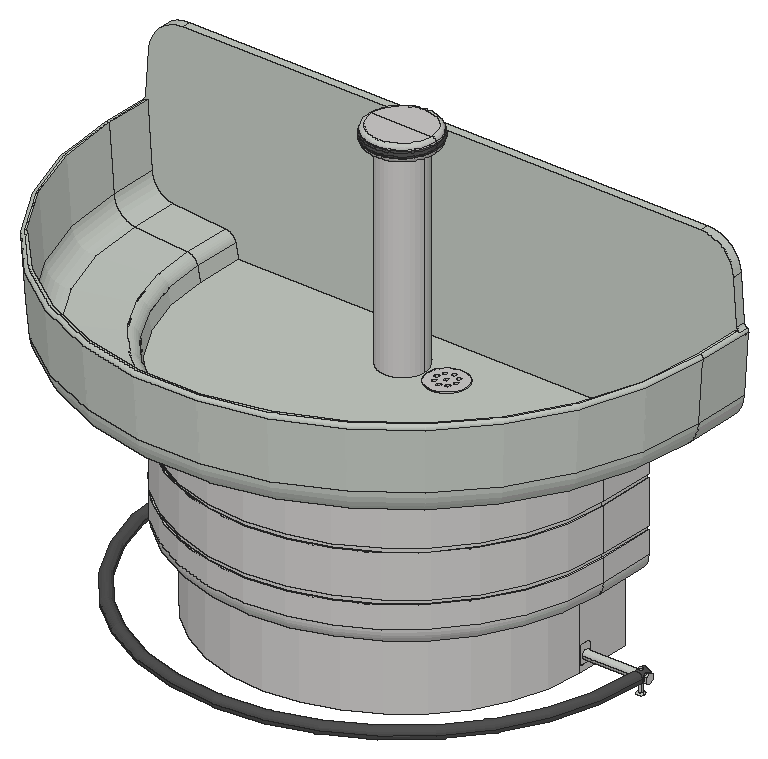
Revit family "Washfountain_Lavatory-Bradley_Corp-WF2504-Type_H_Drain", category Plumbing Fixtures, Revit 2012
Parameters (values of type "Standard")
  Width = 54.000"
  Warranty Information = "Terreon® material warranted for ten years. All other components warranted for one year. This warranty does not cover installation or any other labor charges and does not apply to any units, which have been damaged by accident, abuse, improper installation, improper maintenance, or altered in any way."
  WFU = 0
  Voltage = 110 V
  Version = "2.0"
  Vent Radius = Vent / 2  # 3/4"
  Vent = 1 1/2"
  URL = "http://www.bradleycorp.com/"
  Towel Dispenser Holder [instance] = if(and(Soap Dispenser, Sensor Module), 4.750", if(and(No Soap Dispenser, Sensor Module), 13.250", if(and(Soap Dispenser, No Sensor Module), 4.750", 13.250")))  # 13.250"
  Towel Dispenser Height [instance] = if(and(Soap Dispenser, Sensor Module, Model ID = 2), 55.500", if(and(No Soap Dispenser, Sensor Module, Model ID = 2), 55.500", if(and(Soap Dispenser, No Sensor Module, Model ID = 2), 52.000", if(and(No Soap Dispenser, No Sensor Module, Model ID = 2), 52.000", if(and(Soap Dispenser, Sensor Module, Model ID = 1), 51.500", if(and(No Soap Dispenser, Sensor Module, Model ID = 1), 51.500", if(and(Soap Dispenser, No Sensor Module, Model ID = 1), 48.000", 48.000")))))))  # 52.000"
  TouchTime® Control [instance] = no
  Technical Data = "n/a"
  Standard Height = Model ID = 2  # yes
  Spray Head Height = 38.750"
  Specifications URL = "http://www.bradleycorp.com/3partspec"
  Soap Dispenser Holder [instance] = 2.500"  # constant formula
  Soap Dispenser Height [instance] = if(and(No Sensor Module, Model ID = 2), 47.250", if(and(Sensor Module, Model ID = 2), 50.750", if(and(No Sensor Module, Model ID = 1), 43.250", 46.750")))  # 47.250"
  Sensor Module Height = 42.250"
  Sensor Module [instance] = or(not(Foot Control Valve), TouchTime® Control, Air Valve Hand Control, Adaptive Infrared Activation Control)  # no
  Secondary Supply Height = 12.000"
  Rim Height = 29.500"
  Supply Height [instance] = if(and(Sensor Module, Soap Dispenser, Towel Dispenser, Model ID = 2), 71.813", if(and(Sensor Module, Soap Dispenser, No Towel Dispenser, Model ID = 2), 50.750", if(and(Sensor Module, No Soap Dispenser, No Towel Dispenser, Model ID = 2), 42.250", if(and(Sensor Module, No Soap Dispenser, Towel Dispenser, Model ID = 2), 71.813", if(and(No Sensor Module, No Soap Dispenser, No Towel Dispenser, Model ID = 2), 38.750", if(and(No Sensor Module, No Soap Dispenser, Towel Dispenser, Model ID = 2), 68.313", if(and(No Sensor Module, Soap Dispenser, Towel Dispenser, Model ID = 2), 68.313", if(and(No Sensor Module, Soap Dispenser, No Towel Dispenser, Model ID = 2), 47.250", if(and(Sensor Module, Soap Dispenser, Towel Dispenser, Model ID = 1), 67.813", if(and(Sensor Module, Soap Dispenser, No Towel Dispenser, Model ID = 1), 46.750", if(and(Sensor Module, No Soap Dispenser, No Towel Dispenser, Model ID = 1), 38.250", if(and(Sensor Module, No Soap Dispenser, Towel Dispenser, Model ID = 1), 67.813", if(and(No Sensor Module, No Soap Dispenser, No Towel Dispenser, Model ID = 1), 34.750", if(and(No Sensor Module, No Soap Dispenser, Towel Dispenser, Model ID = 1), 64.313", if(and(No Sensor Module, Soap Dispenser, Towel Dispenser, Model ID = 1), 64.313", 43.250")))))))))))))))  # 38.750"
  Product Tech Data URL - Spanish = ""
  Product Tech Data URL - French = ""
  Product Tech Data URL - English = "http://bradleycorp.com/download/1840/2013.pdf"
  Pedestal Material = Stainless Steel - Bradley Corp - Satin
  Pedestal Height = 19.000"
  Operating Water Pressure Range = "20 - 80 PSI"
  OmniClass Table 23 Title = "Sinks/Lavatories"
  OmniClass Table 23 Number = "23-31 13 00"
  OmniClass Table 21 Title = "Plumbing Fixtures"
  OmniClass Table 21 Number = "21-04 20 10 60"
  No Towel Dispenser [instance] = not(Towel Dispenser)  # yes
  No Soap Dispenser [instance] = not(Soap Dispenser)  # yes
  No Sensor Module [instance] = not(Sensor Module)  # yes
  Modeling Code = ""
  Model ID = 2
  Model = "WF2504"
  Material Note = "Other Terreon® colors available - See www.bradleycorp.com "
  MasterFormat Title = "Commercial Lavatories and Sinks"
  MasterFormat Number = "22 42 16"
  Manufacturer = "Bradley Corp"
  Juvenile Height = Model ID = 1  # no
  Industry Standards = "ANSI Z124.3, Z124.6 and ANSI/ICPA SS-1-2001"
  Hot Lavatory Inlet Secondary Radius = Hot Lavatory Inlet Secondary / 2  # 1/2"
  Hot Lavatory Inlet Secondary = 1"
  Hot Lavatory Inlet Primary Radius = Hot Lavatory Inlet Primary / 2  # 1/2"
  Hot Lavatory Inlet Primary = 1"
  HWFU = 0
  Frequency = 50 Hz
  Foot Control Valve [instance] = not(or(TouchTime® Control, Air Valve Hand Control, Adaptive Infrared Activation Control))  # yes
  Flow Type = 3.0 GPM
  Fire Rating = "n/a"
  Drain Radius = Drain / 2  # 1"
  Drain = 2"
  Description = "Washfountain, 54\" Semi Circular with 9\" Deep Bowl"
  Copyright = "This Model Data is Property of Bradley Corporation"
  Cold Lavatory Inlet Secondary Radius = Cold Lavatory Inlet Secondary / 2  # 1/2"
  Cold Lavatory Inlet Secondary = 1"
  Cold Lavatory Inlet Primary Radius = Cold Lavatory Inlet Primary / 2  # 1/2"
  Cold Lavatory Inlet Primary = 1"
  CWFU = 0
  Buy American Act = "No"
  Button Visibility [instance] = or(TouchTime® Control, Air Valve Hand Control)  # no
  Bowl Material [instance] = Stone - Bradley Corp - Empire Gray
  Assembly Code = "D2010300"
  Air Valve Hand Control [instance] = no
  Adaptive Infrared Activation Control [instance] = no
  ADA Compliant = "Yes"
  Soap Dispenser [instance] = no
  Towel Dispenser [instance] = no
Reference planes (in)
  plane 1 "Center (Front/Back)": y = 0
  plane 2: z = 0
  plane 3 "Center (Left/Right)": x = 0
  plane 4 "Left": x = -27
  plane 5 "Right": x = 27
  plane 6 "Towel Dispenser": z = 52
  plane 7 "Soap Dispenser": z = 47.25
  plane 8 "Sensor Module": z = 42.25
  plane 9 "Spray Head": z = 38.75
  plane 10 "Rim Height": z = 29.5
  plane 11 "Pedestal Height": z = 19
  plane 12: z = 41.25
  plane 13: y = -32.2274
Forms (in)
  Sweep 1, solid, material "Stone - Bradley Corp - Empire Gray" <- "Bowl Material"
    path in 3D
      loop
        line (26.97649, 0, 29.5) -> (26.97649, -5.09016, 29.5)
        arc (26.97649, -5.09016, 29.5) -> (0, -32.06665, 29.5) -> (-26.97649, -5.09016, 29.5) r 26.97649
        line (-26.97649, -5.09016, 29.5) -> (-26.97649, 0, 29.5)
    profile origin (-26.97649, -2.54508, 29.5) x (-1, 0, 0) y (0, 0, 1)
      loop
        line (-0.36849, -5.60574) -> (0.00015, -0.33398)
        arc (0.00015, -0.33398) -> (-0.08011, -0.10234) -> (-0.30288, 0) r 0.31231
        line (-0.30288, 0) -> (-0.47772, 0) -> (-0.86727, -5.57086)
        arc (-0.86727, -5.57086) -> (-1.46619, -6.9067) -> (-2.78695, -7.53818) r 2.125
        line (-2.78695, -7.53818) -> (-7.52625, -7.93634)
        arc (-7.52625, -7.93634) -> (-8.11685, -8.19439) -> (-8.42734, -8.75918) r 1
        line (-8.42734, -8.75918) -> (-8.64604, -9.99947) -> (-24.97649, -9.99947) -> (-24.97649, -10.5) -> (-8.64604, -10.5)
        arc (-8.64604, -10.5) -> (-8.32099, -10.37992) -> (-8.15206, -10.07737) r 0.5
        line (-8.15206, -10.07737) -> (-7.93494, -8.846)
        arc (-7.93494, -8.846) -> (-7.77969, -8.56361) -> (-7.48439, -8.43458) r 0.5
        line (-7.48439, -8.43458) -> (-2.74261, -8.03622)
        arc (-2.74261, -8.03622) -> (-1.1093, -7.25688) -> (-0.36849, -5.60574) r 2.625
  Sweep 2, solid, material "Stone - Bradley Corp - Empire Gray" <- "Bowl Material", detail levels coarse
    path in 3D
      loop
        line (26.97649, 0, 29.5) -> (26.97649, -5.09016, 29.5)
        arc (26.97649, -5.09016, 29.5) -> (0, -32.06665, 29.5) -> (-26.97649, -5.09016, 29.5) r 26.97649
        line (-26.97649, -5.09016, 29.5) -> (-26.97649, 0, 29.5)
    profile origin (-26.97649, -2.54508, 29.5) x (-1, 0, 0) y (0, 0, 1)
      loop
        line (-0.52542, -7.84995) -> (0.0235, 0) -> (-0.47772, 0) -> (-0.99431, -7.38758) -> (-8.29362, -8.00081) -> (-8.64604, -9.99947) -> (-24.97641, -9.99947) -> (-24.97641, -10.5) -> (-8.22658, -10.5) -> (-7.86808, -8.46682) -> (-0.52542, -7.84995)
  Sweep 3, solid, material "Stainless Steel - Bradley Corp - Satin" <- "Pedestal Material", visible <- "Standard Height", detail levels medium+fine
    path in 3D
      loop
        line (-18.00049, 0, 19) -> (-18.00049, -5.09016, 19)
        arc (-18.00049, -5.09016, 19) -> (0, -23.09065, 19) -> (18.00049, -5.09016, 19) r 18.00049
        line (18.00049, -5.09016, 19) -> (18.00049, 0, 19)
    profile origin (-18.00049, -2.54508, 19) x (1, 0, 0) y (0, 0, 1)
      loop
        line (0.00049, -4.376) -> (0.12942, -4.376) -> (0.12942, -4.751) -> (0.00454, -4.751) -> (0.00454, -8.56354) -> (0.12942, -8.56354) -> (0.12942, -8.9385) -> (0.0005, -8.9385) -> (0.0005, -10.96713)
        arc (0.0005, -10.96713) -> (0.44863, -12.04901) -> (1.53051, -12.49714) r 1.53001
        line (1.53051, -12.49714) -> (2.14799, -12.49714) -> (2.14799, -19) -> (2.64799, -19) -> (2.64799, -11.99714) -> (1.53051, -11.99714)
        arc (1.53051, -11.99714) -> (0.80218, -11.69546) -> (0.5005, -10.96713) r 1.03001
        line (0.5005, -10.96713) -> (0.5005, -8.9385) -> (0.62942, -8.9385) -> (0.62942, -8.56354) -> (0.50454, -8.56354) -> (0.50454, -4.751) -> (0.62942, -4.751) -> (0.62942, -4.376) -> (0.50049, -4.376) -> (0.50049, 0) -> (0.00049, 0) -> (0.00049, -4.376)
  Sweep 4, solid, material "Stainless Steel - Bradley Corp - Satin" <- "Pedestal Material", visible <- "Standard Height", detail levels coarse
    path in 3D
      loop
        line (-18.00049, 0, 19) -> (-18.00049, -5.09016, 19)
        arc (-18.00049, -5.09016, 19) -> (0, -23.09065, 19) -> (18.00049, -5.09016, 19) r 18.00049
        line (18.00049, -5.09016, 19) -> (18.00049, 0, 19)
    profile origin (-18.00049, -2.54508, 19) x (1, 0, 0) y (0, 0, 1)
      loop
        line (0, 0) -> (0, -12.49714) -> (2.14799, -12.49714) -> (2.14799, -19) -> (2.64799, -19) -> (2.64799, -11.99714) -> (0.50454, -11.99714) -> (0.50454, 0) -> (0, 0)
  Sweep 5, solid, material "Stainless Steel - Bradley Corp - Satin" <- "Pedestal Material", visible <- "Juvenile Height", detail levels medium+fine
    path in 3D
      loop
        line (-18.00049, 0, 19) -> (-18.00049, -5.09016, 19)
        arc (-18.00049, -5.09016, 19) -> (0, -23.09065, 19) -> (18.00049, -5.09016, 19) r 18.00049
        line (18.00049, -5.09016, 19) -> (18.00049, 0, 19)
    profile origin (-18.00049, -2.54508, 19) x (1, 0, 0) y (0, 0, 1)
      loop
        line (0, -3.44859) -> (0.1016, -3.44859) -> (0.1016, -3.74411) -> (0.0032, -3.74411) -> (0.0032, -6.74866) -> (0.1016, -6.74866) -> (0.1016, -7.04415) -> (0.00001, -7.04415) -> (0.00001, -8.20062)
        arc (0.00001, -8.20062) -> (0.48269, -9.36592) -> (1.64799, -9.8486) r 1.64798
        line (1.64799, -9.8486) -> (2.14799, -9.8486) -> (2.14799, -15) -> (2.54202, -15) -> (2.54202, -9.45457) -> (1.64799, -9.45457)
        arc (1.64799, -9.45457) -> (0.76131, -9.08729) -> (0.39404, -8.20062) r 1.25395
        line (0.39404, -8.20062) -> (0.39404, -7.04415) -> (0.49564, -7.04415) -> (0.49564, -6.74866) -> (0.39723, -6.74866) -> (0.39723, -3.74411) -> (0.49564, -3.74411) -> (0.49564, -3.44859) -> (0.39403, -3.44859) -> (0.39403, 0) -> (0, 0) -> (0, -3.44859)
  Sweep 6, solid, material "Stainless Steel - Bradley Corp - Satin" <- "Pedestal Material", visible <- "Juvenile Height", detail levels coarse
    path in 3D
      loop
        line (-18.00049, 0, 19) -> (-18.00049, -5.09016, 19)
        arc (-18.00049, -5.09016, 19) -> (0, -23.09065, 19) -> (18.00049, -5.09016, 19) r 18.00049
        line (18.00049, -5.09016, 19) -> (18.00049, 0, 19)
    profile origin (-18.00049, -2.54508, 19) x (1, 0, 0) y (0, 0, 1)
      loop
        line (0, -9.8486) -> (2.14799, -9.8486) -> (2.14799, -15) -> (2.64799, -15) -> (2.64799, -9.3486) -> (0.5, -9.3486) -> (0.5, 0) -> (0, 0) -> (0, -9.8486)
  Revolve 7, solid, material "Stainless Steel - Bradley Corp - Polished", visible <- "Soap Dispenser", detail levels fine
    sketch origin (-3, -5.25, 47.25) x (1, 0, 0) y (0, 0, 1)
      loop
        line (-2.88598, -5.36403) -> (-2.85471, -5.36403) -> (-2.85471, -6) -> (3, -6) -> (3, 0) -> (-0.11538, 0)
        arc (-0.11538, 0) -> (-1.691, -0.10007) -> (-3.24592, -0.37358) r 14.27083
        line (-3.24592, -0.37358) -> (-3.24592, -0.99953) -> (-3.01, -0.99953) -> (-3.01, -1.61403) -> (-2.97, -1.61403) -> (-2.97, -2.86403) -> (-2.93, -2.86403) -> (-2.93, -4.11402) -> (-2.88598, -4.11402) -> (-2.88598, -5.36403)
      axis (3, 0) -> (3, -6)
    angle from 360 to 180
  Revolve 8, solid, material "Stainless Steel - Bradley Corp - Polished", visible <- "Soap Dispenser", detail levels coarse+medium
    sketch origin (-3, -5.25, 47.25) x (1, 0, 0) y (0, 0, 1)
      loop
        line (-3.24592, -0.99953) -> (-2.85471, -6) -> (3, -6) -> (3, -0.99953) -> (-3.24592, -0.99953)
      axis (3, -0.99953) -> (3, -6)
    angle from 360 to 180
  Revolve 9, solid, material "Stainless Steel - Bradley Corp - Polished", detail levels fine
    sketch origin (-3, -5.25, 38.75) x (1, 0, 0) y (0, 0, 1)
      loop
        arc (0.31, 0) -> (0.06605, -0.10105) -> (-0.035, -0.345) r 0.345
        line (-0.035, -0.345) -> (-0.035, -0.44473)
        arc (-0.035, -0.44473) -> (-0.09885, -0.47345) -> (-0.125, -0.5384) r 0.09375
        line (-0.125, -0.5384) -> (-0.125, -0.8509)
        arc (-0.125, -0.8509) -> (-0.09885, -0.91586) -> (-0.035, -0.94458) r 0.09375
        line (-0.035, -0.94458) -> (-0.035, -1.04463)
        arc (-0.035, -1.04463) -> (0.06605, -1.28858) -> (0.31, -1.38963) r 0.345
        line (0.31, -1.38963) -> (1, -1.38963) -> (1, -19.75) -> (3, -19.75) -> (3, 0) -> (0.31, 0)
      axis (3, 0) -> (3, -19.75)
    angle from 0 to 360
  Revolve 10, solid, material "Stainless Steel - Bradley Corp - Polished", detail levels coarse+medium
    sketch origin (-3, -5.25, 38.75) x (1, 0, 0) y (0, 0, 1)
      loop
        line (-0.125, -0.94458) -> (0.31, -1.38963) -> (1, -1.38963) -> (1, -19.75) -> (3, -19.75) -> (3, 0.00012) -> (0.31985, 0.00012) -> (-0.125, -0.44473) -> (-0.125, -0.94458)
      axis (3, 0.00012) -> (3, -19.75)
    angle from 0 to 360
  Extrusion 11, solid, material "Stone - Bradley Corp - Empire Gray" <- "Bowl Material", detail levels medium+fine
    sketch origin (-3, 0, 29.5) x (1, 0, 0) y (0, 0, 1)
      loop
        arc (-23.60112, 0.33907) -> (-23.6674, 0.12286) -> (-23.82201, -0.04217) r 0.50097
        arc (-23.82201, -0.04217) -> (-23.75046, -0.01178) -> (-23.67361, 0) r 0.31231
        line (-23.67361, 0) -> (-23.49877, 0) -> (-23.10922, -5.57086)
        arc (-23.10922, -5.57086) -> (-22.49462, -6.9226) -> (-21.14503, -7.54192) r 2.125
        line (-21.14503, -7.54192) -> (-16.45024, -7.93634)
        arc (-16.45024, -7.93634) -> (-15.85964, -8.19439) -> (-15.54915, -8.75918) r 1
        line (-15.54915, -8.75918) -> (-15.33045, -9.99947) -> (21.33045, -9.99947) -> (21.54915, -8.75918)
        arc (21.54915, -8.75918) -> (21.85964, -8.19439) -> (22.45024, -7.93634) r 1
        line (22.45024, -7.93634) -> (27.14503, -7.54192)
        arc (27.14503, -7.54192) -> (28.49462, -6.9226) -> (29.10922, -5.57086) r 2.125
        line (29.10922, -5.57086) -> (29.49877, 0) -> (29.67361, 0)
        arc (29.67361, 0) -> (29.75046, -0.01178) -> (29.82201, -0.04217) r 0.31231
        arc (29.82201, -0.04217) -> (29.6674, 0.12286) -> (29.60112, 0.33907) r 0.50097
        line (29.60112, 0.33907) -> (29.33045, 4.20977)
        arc (29.33045, 4.20977) -> (28.38375, 6.19456) -> (26.33776, 7.0005) r 3
        line (26.33776, 7.0005) -> (-20.33776, 7.0005)
        arc (-20.33776, 7.0005) -> (-22.38375, 6.19456) -> (-23.33045, 4.20977) r 3
        line (-23.33045, 4.20977) -> (-23.60112, 0.33907)
    from 0 to 0.8003
  Extrusion 12, solid, material "Stone - Bradley Corp - Empire Gray" <- "Bowl Material", detail levels coarse
    sketch origin (-3, 0, 29.5) x (1, 0, 0) y (0, 0, 1)
      loop
        line (-23.49877, 0) -> (-22.98218, -7.38758) -> (-15.68287, -8.00081) -> (-15.33045, -9.99947) -> (21.33045, -9.99947) -> (21.68287, -8.00081) -> (28.98218, -7.38758) -> (29.49877, 0) -> (29.99999, 0) -> (29.99999, 3.33827)
        arc (29.99999, 3.33827) -> (28.92735, 5.92786) -> (26.33776, 7.0005) r 3.66224
        line (26.33776, 7.0005) -> (-20.33776, 7.0005)
        arc (-20.33776, 7.0005) -> (-22.92735, 5.92786) -> (-23.99999, 3.33827) r 3.66224
        line (-23.99999, 3.33827) -> (-23.99999, 0) -> (-23.49877, 0)
    from 0 to 0.8003
  Extrusion 13, solid, material "Stainless Steel - Bradley Corp - Polished", visible <- "Soap Dispenser", detail levels coarse+medium
    sketch origin (-3, -5.25, 47.25) x (1, 0, 0) y (0, 0, 1)
      loop
        line (-2.85471, -6) -> (8.85471, -6) -> (9.24592, -0.99953) -> (-3.24592, -0.99953) -> (-2.85471, -6)
    from 0 to -2.25
  Extrusion 14, solid, material "Stainless Steel - Bradley Corp - Polished", visible <- "Soap Dispenser", detail levels fine
    sketch origin (-3, -5.25, 47.25) x (1, 0, 0) y (0, 0, 1)
      loop
        line (-2.88598, -5.36403) -> (-2.85471, -5.36403) -> (-2.85471, -6) -> (8.85471, -6) -> (8.85471, -5.36403) -> (8.88598, -5.36403) -> (8.88598, -4.11402) -> (8.93, -4.11402) -> (8.93, -2.86403) -> (8.97, -2.86403) -> (8.97, -1.61403) -> (9.01, -1.61403) -> (9.01, -0.99953) -> (9.24592, -0.99953) -> (9.24592, -0.37358)
        arc (9.24592, -0.37358) -> (7.691, -0.10007) -> (6.11538, 0) r 14.27083
        line (6.11538, 0) -> (-0.11538, 0)
        arc (-0.11538, 0) -> (-1.691, -0.10007) -> (-3.24592, -0.37358) r 14.27083
        line (-3.24592, -0.37358) -> (-3.24592, -0.99953) -> (-3.01, -0.99953) -> (-3.01, -1.61403) -> (-2.97, -1.61403) -> (-2.97, -2.86403) -> (-2.93, -2.86403) -> (-2.93, -4.11402) -> (-2.88598, -4.11402) -> (-2.88598, -5.36403)
    from 0 to -2.25
  Revolve 15, solid, material "Stainless Steel - Bradley Corp - Polished", visible <- "Sensor Module", detail levels fine
    sketch origin (-3, -5.25, 42.25) x (1, 0, 0) y (0, 0, 1)
      loop
        line (-1.49987, -0.56541) -> (-1.49987, -1.98683)
        arc (-1.49987, -1.98683) -> (-1.48063, -2.08301) -> (-1.42587, -2.16439) r 0.25
        line (-1.42587, -2.16439) -> (-0.82309, -2.76716)
        arc (-0.82309, -2.76716) -> (-0.74199, -2.82135) -> (-0.64632, -2.84038) r 0.25
        line (-0.64632, -2.84038) -> (1, -2.84038) -> (1, -3.5) -> (3, -3.5) -> (3, 0) -> (0.89718, 0)
        arc (0.89718, 0) -> (-0.28099, -0.0858) -> (-1.45612, -0.2063) r 40.06
        arc (-1.45612, -0.2063) -> (-1.54124, -0.251) -> (-1.57537, -0.34072) r 0.135
        line (-1.57537, -0.34072) -> (-1.57537, -0.56541) -> (-1.49987, -0.56541)
      axis (3, 0) -> (3, -3.5)
    angle from 0 to 360
  Revolve 16, solid, material "Stainless Steel - Bradley Corp - Polished", visible <- "Sensor Module", detail levels coarse+medium
    sketch origin (-3, -5.25, 42.25) x (1, 0, 0) y (0, 0, 1)
      loop
        line (-1.57537, -2.01488) -> (-0.74987, -2.84038) -> (1, -2.84038) -> (1, -3.5) -> (3, -3.5) -> (3, 0) -> (-1.57537, 0) -> (-1.57537, -2.01488)
      axis (3, 0) -> (3, -3.5)
    angle from 0 to 360
  Extrusion 17, solid, material "Stainless Steel - Bradley Corp - Polished", visible <- "Towel Dispenser"
    sketch origin (-0.06458, -11.63773, 52) x (0, 0, 1) y (-0.871825, -0.489818, 0)
      loop
        line (0, 0) -> (15.313, 0) -> (14.62567, 4) -> (1.37502, 4) -> (0, 1.75) -> (0, 0)
    from 0 to -11
  Extrusion 18, solid, material "Stainless Steel - Bradley Corp - Polished", visible <- "Towel Dispenser"
    sketch origin (0.06458, -11.63773, 52) x (0, 0, 1) y (-0.871825, 0.489818, 0)
      loop
        line (0, 0) -> (0, -1.75) -> (1.37502, -4) -> (14.62567, -4) -> (15.313, 0) -> (0, 0)
    from 0 to -11
  Extrusion 19, solid, material "Stainless Steel - Bradley Corp - Polished", visible <- "Towel Dispenser"
    sketch origin (0, 0, 52) x (-1, 0, 0) y (0, -1, 0)
      loop
        circle (0, 5.25) r 2
    from -13.25 to 16.313
  Extrusion 20, solid, material "Stainless Steel - Bradley Corp - Polished", visible <- "Soap Dispenser"
    sketch origin (0, 0, 47.25) x (-1, 0, 0) y (0, -1, 0)
      loop
        circle (0, 5.25) r 2
    from -6 to -8.5
  Extrusion 21, solid, material "Stainless Steel - Bradley Corp - Polished", visible <- "Towel Dispenser"
    sketch origin (0, 0, 52) x (-1, 0, 0) y (0, -1, 0)
      loop
        line (5.45258, 2.04766) -> (0.06458, 11.63773) -> (-0.06458, 11.63773) -> (-5.45258, 2.04766) -> (5.45258, 2.04766)
      loop
        circle (0, 5.25) r 2
    from 1.0786 to 1.5786
  Extrusion 22, solid, material "Stainless Steel - Bradley Corp - Polished", visible <- "Towel Dispenser"
    sketch origin (0, 0, 52) x (-1, 0, 0) y (0, -1, 0)
      loop
        line (-5.45258, 2.04766) -> (5.45258, 2.04766) -> (0.06458, 11.63773) -> (-0.06458, 11.63773) -> (-5.45258, 2.04766)
      loop
        circle (0, 5.25) r 2
    from 14.62567 to 14.12567
  Extrusion 23, solid, material "Stone - Bradley Corp - Empire Gray" <- "Bowl Material", detail levels coarse
    sketch origin (0, 0, 29.5) x (-1, 0, 0) y (0, -1, 0)
      loop
        arc (2.00008, 5.09016) -> (0, 3.09007) -> (-2.00008, 5.09016) r 2.00008
        line (-2.00008, 5.09016) -> (-2.00008, 0) -> (2.00008, 0) -> (2.00008, 5.09016)
    from -10.499 to -9.99947
  Extrusion 24, solid, material "Stone - Bradley Corp - Empire Gray" <- "Bowl Material"
    sketch origin (0, 0, 29.5) x (-1, 0, 0) y (0, -1, 0)
      loop
        arc (2, 5.09016) -> (0, 3.09016) -> (-2, 5.09016) r 2
        line (-2, 5.09016) -> (-2, 0) -> (2, 0) -> (2, 5.09016)
    from -10.499 to -9.99947
  Sweep 25, solid, material "Plastic - Bradley Corp - Black", visible <- "Foot Control Valve"
    path in 3D
      loop
        line (21.00049, -4.125, 0) -> (21.00049, -5.09016, 0)
        arc (21.00049, -5.09016, 0) -> (0, -26.09065, 0) -> (-21.00049, -5.09016, 0) r 21.00049
        line (-21.00049, -5.09016, 0) -> (-21.00049, -4.125, 0)
    profile origin (-21.00049, -4.60758, 0) x (-1, 0, 0) y (0, 0, 1)
      loop
        circle (0, 1.425) r 0.5
  Extrusion 26, solid, material "Stainless Steel - Bradley Corp - Satin", visible <- "Foot Control Valve"
    sketch origin (0, 0, 0) x (0, 1, 0) y (0, 0, 1)
      loop
        circle (-4.625, 1.425) r 0.371
    from -21.53456 to -15.8525
  Extrusion 27, solid, material "Stainless Steel - Bradley Corp - Satin", visible <- "Foot Control Valve"
    sketch origin (0, 0, 0) x (0, 1, 0) y (0, 0, -1)
      loop
        circle (-4.625, -1.425) r 0.371
    from -21.53456 to -15.8525
  Extrusion 28, solid, material "Stainless Steel - Bradley Corp - Polished", visible <- "Foot Control Valve", detail levels fine
    sketch origin (0, 0, 0) x (1, 0, 0) y (0, 1, 0)
      loop
        circle (-21.00049, -4.625) r 0.117
    from 0.12175 to 2.02302
  Extrusion 29, solid, material "Stainless Steel - Bradley Corp - Polished", visible <- "Foot Control Valve", detail levels fine
    sketch origin (0, 0, 0) x (-1, 0, 0) y (0, -1, 0)
      loop
        circle (-21.00049, 4.625) r 0.117
    from 0.12175 to 2.02302
  Blend 30, solid, material "Stainless Steel - Bradley Corp - Polished", visible <- "Foot Control Valve", detail levels fine
    base sketch origin (0, 0, 0) x (1, 0, 0) y (0, 1, 0)
      loop
        circle (-21.00049, -4.625) r 0.117
    top sketch origin (0, 0, 0) x (1, 0, 0) y (0, 1, 0)
      loop
        circle (-21.00049, -4.625) r 0.325
    from 0.12175 to 0
  Blend 31, solid, material "Stainless Steel - Bradley Corp - Polished", visible <- "Foot Control Valve", detail levels fine
    base sketch origin (0, 0, 0) x (-1, 0, 0) y (0, -1, 0)
      loop
        circle (-21.00049, 4.625) r 0.117
    top sketch origin (0, 0, 0) x (-1, 0, 0) y (0, -1, 0)
      loop
        circle (-21.00049, 4.625) r 0.325
    from 0.12175 to 0
  Extrusion 32, solid, material "Stainless Steel - Bradley Corp - Polished", visible <- "Foot Control Valve", detail levels fine
    sketch origin (0, 0, 0) x (0, 1, 0) y (0, 0, 1)
      loop
        line (-4.25298, 1.64221) -> (-4.62448, 1.85669) -> (-4.99598, 1.64221) -> (-4.99598, 1.21324) -> (-4.62448, 0.99875) -> (-4.25298, 1.21324) -> (-4.25298, 1.64221)
    from -21.53456 to -21.80027
  Extrusion 33, solid, material "Stainless Steel - Bradley Corp - Polished", visible <- "Foot Control Valve", detail levels fine
    sketch origin (0, 0, 0) x (0, 1, 0) y (0, 0, -1)
      loop
        line (-4.25298, -1.64221) -> (-4.25298, -1.21324) -> (-4.62448, -0.99875) -> (-4.99598, -1.21324) -> (-4.99598, -1.64221) -> (-4.62448, -1.85669) -> (-4.25298, -1.64221)
    from -21.53456 to -21.80027
  Extrusion 34, solid, material "Stainless Steel - Bradley Corp - Satin", visible <- "Foot Control Valve"
    sketch origin (0, 0, 0) x (0, 1, 0) y (0, 0, 1)
      loop
        line (-4.37723, 2.29222) -> (-4.87723, 2.29222)
        arc (-4.87723, 2.29222) -> (-5.05401, 2.219) -> (-5.12723, 2.04222) r 0.25
        line (-5.12723, 2.04222) -> (-5.12723, 0.91722)
        arc (-5.12723, 0.91722) -> (-5.05401, 0.74044) -> (-4.87723, 0.66722) r 0.25
        line (-4.87723, 0.66722) -> (-4.37723, 0.66722)
        arc (-4.37723, 0.66722) -> (-4.20046, 0.74044) -> (-4.12723, 0.91722) r 0.25
        line (-4.12723, 0.91722) -> (-4.12723, 2.04222)
        arc (-4.12723, 2.04222) -> (-4.20046, 2.219) -> (-4.37723, 2.29222) r 0.25
    from -15.978 to -15.8525
  Extrusion 35, solid, material "Stainless Steel - Bradley Corp - Satin", visible <- "Foot Control Valve"
    sketch origin (0, 0, 0) x (0, 1, 0) y (0, 0, -1)
      loop
        arc (-4.37723, -2.29222) -> (-4.20046, -2.219) -> (-4.12723, -2.04222) r 0.25
        line (-4.12723, -2.04222) -> (-4.12723, -0.91722)
        arc (-4.12723, -0.91722) -> (-4.20046, -0.74044) -> (-4.37723, -0.66722) r 0.25
        line (-4.37723, -0.66722) -> (-4.87723, -0.66722)
        arc (-4.87723, -0.66722) -> (-5.05401, -0.74044) -> (-5.12723, -0.91722) r 0.25
        line (-5.12723, -0.91722) -> (-5.12723, -2.04222)
        arc (-5.12723, -2.04222) -> (-5.05401, -2.219) -> (-4.87723, -2.29222) r 0.25
        line (-4.87723, -2.29222) -> (-4.37723, -2.29222)
    from -15.978 to -15.8525
  Extrusion 36, void
    sketch origin (0, 0, 19) x (-1, 0, 0) y (0, -1, 0)
      loop
        circle (-4, 5.25) r 1.75
    from 0 to 10.5
  Extrusion 37, solid, material "Stainless Steel - Bradley Corp - Polished", detail levels medium+fine
    sketch origin (0, 0, 19) x (-1, 0, 0) y (0, -1, 0)
      loop
        circle (-4, 5.25) r 1.75
      loop
        circle (-4, 5.25) r 0.1842
      loop
        circle (-4, 4.37229) r 0.1842
      loop
        circle (-3.12229, 5.25) r 0.1842
      loop
        circle (-4, 6.12771) r 0.1842
      loop
        circle (-4.87771, 5.25) r 0.1842
      loop
        circle (-4.62063, 4.62937) r 0.1842
      loop
        circle (-3.37937, 4.62937) r 0.1842
      loop
        circle (-3.37937, 5.87063) r 0.1842
      loop
        circle (-4.62063, 5.87063) r 0.1842
    from 0 to 0.55176
  Extrusion 38, solid, material "Default", not visible
    sketch origin (0, 0, 0) x (1, 0, 0) y (0, 1, 0)
      loop
        circle (-7.625, -2) r 0.5
      loop
        circle (7.625, -2) r 0.5
    from 0 to 2.5
  Extrusion 39, solid, material "Default", not visible
    sketch origin (0, 0, 0) x (1, 0, 0) y (0, 1, 0)
      loop
        circle (-4, -5.25) r 1
    from 0 to 3
  Extrusion 40, solid, material "Default", not visible
    sketch origin (0, 0, 29.5) x (-1, 0, 0) y (0, -1, 0)
      loop
        circle (0, 5.25) r 0.75
    from -29.5 to 9.25
  Extrusion 41, solid, material "Default", not visible
    sketch origin (0, 0, 0) x (1, 0, 0) y (0, 0, 1)
      loop
        circle (-7.625, 12) r 0.5
      loop
        circle (7.625, 12) r 0.5
      loop
        line (-4.5, 10) -> (-3.5, 10) -> (-3.5, 12) -> (-4.5, 12) -> (-4.5, 10)
    from 0 to 2.5
  Revolve 42, solid, material "Plastic - Bradley Corp - Black", visible <- "Soap Dispenser", detail levels coarse+medium
    sketch origin (-3, -5.25, 47.25) x (1, 0, 0) y (0, 0, 1)
      loop
        line (-3.32412, 0) -> (-3.24592, -0.99953) -> (3, -0.99953) -> (3, 0) -> (-3.32412, 0)
      axis (3, 0) -> (3, -0.99953)
    angle from 180 to 360
  Extrusion 43, solid, material "Plastic - Bradley Corp - Black", visible <- "Soap Dispenser", detail levels coarse+medium
    sketch origin (-3, -5.25, 47.25) x (1, 0, 0) y (0, 0, 1)
      loop
        line (-3.24592, -0.99953) -> (9.24592, -0.99953) -> (9.32412, 0) -> (-3.32412, 0) -> (-3.24592, -0.99953)
    from 0 to -2.25
  Extrusion 44, solid, material "Stainless Steel - Bradley Corp - Polished", visible <- "Button Visibility"
    sketch origin (-3, -5.25, 42.25) x (1, 0, 0) y (0, 0, 1)
      loop
        circle (3, -1.3649) r 0.5
    from 4.57537 to 4.97537
  Extrusion 45, solid, material "Stainless Steel - Bradley Corp - Polished", visible <- "Button Visibility", detail levels fine
    sketch origin (-3, -5.25, 42.25) x (1, 0, 0) y (0, 0, 1)
      loop
        circle (3, -1.3649) r 0.25
    from 4.4998 to 4.57537
Cuts and joins
  joined: Revolve 8, Extrusion 13
  joined: Revolve 7, Extrusion 14
  Extrusion 36 cuts Sweep 2
  joined: Sweep 2, Extrusion 23
  Extrusion 36 cuts Sweep 1
  joined: Sweep 1, Extrusion 24
  joined: Extrusion 26, Extrusion 27, Extrusion 34, Extrusion 35
  joined: Revolve 42, Extrusion 43
Lines and regions (in)
  Masking region 1, visible <- "Standard Height", detail levels coarse
    outline origin (-3, 0, 19) x (1, 0, 0) y (0, 0, 1)
      loop
        line (-15.00049, 0) -> (-15.00049, -12.49714) -> (-12.8525, -12.49714) -> (-12.8525, -19) -> (18.8525, -19) -> (18.8525, -12.49714) -> (21.00049, -12.49714) -> (21.00049, 0) -> (-15.00049, 0)
  Masking region 2, visible <- "Standard Height", detail levels medium+fine
    outline origin (-3, 0, 19) x (1, 0, 0) y (0, 0, 1)
      loop
        line (-15.00049, -4.376) -> (-14.87156, -4.376) -> (-14.87156, -4.751) -> (-14.99644, -4.751) -> (-14.99644, -8.56354) -> (-14.87156, -8.56354) -> (-14.87156, -8.9385) -> (-15.00048, -8.9385) -> (-15.00048, -10.96713)
        arc (-15.00048, -10.96713) -> (-14.55235, -12.04901) -> (-13.47047, -12.49714) r 1.53001
        line (-13.47047, -12.49714) -> (-12.85299, -12.49714) -> (-12.85299, -19) -> (18.85299, -19) -> (18.85299, -12.49714) -> (19.47047, -12.49714)
        arc (19.47047, -12.49714) -> (20.55235, -12.04901) -> (21.00048, -10.96713) r 1.53001
        line (21.00048, -10.96713) -> (21.00048, -8.9385) -> (20.87156, -8.9385) -> (20.87156, -8.56354) -> (20.99644, -8.56354) -> (20.99644, -4.751) -> (20.87156, -4.751) -> (20.87156, -4.376) -> (21.00049, -4.376) -> (21.00049, 0) -> (-15.00049, 0) -> (-15.00049, -4.376)
  Masking region 3, visible <- "Juvenile Height", detail levels coarse
    outline origin (-3, 0, 19) x (1, 0, 0) y (0, 0, 1)
      loop
        line (-15.00049, 0) -> (-15.00049, -9.8486) -> (-12.8525, -9.8486) -> (-12.8525, -15) -> (18.8525, -15) -> (18.8525, -9.8486) -> (21.00049, -9.8486) -> (21.00049, 0) -> (-15.00049, 0)
  Masking region 4, visible <- "Juvenile Height", detail levels medium+fine
    outline origin (-3, 0, 19) x (1, 0, 0) y (0, 0, 1)
      loop
        line (-15.00049, -3.44859) -> (-14.89889, -3.44859) -> (-14.89889, -3.74411) -> (-14.9973, -3.74411) -> (-14.9973, -6.74866) -> (-14.89889, -6.74866) -> (-14.89889, -7.04415) -> (-15.00048, -7.04415) -> (-15.00048, -8.20062)
        arc (-15.00048, -8.20062) -> (-14.5178, -9.36592) -> (-13.3525, -9.8486) r 1.64798
        line (-13.3525, -9.8486) -> (-12.8525, -9.8486) -> (-12.8525, -15) -> (18.8525, -15) -> (18.8525, -9.8486) -> (19.3525, -9.8486)
        arc (19.3525, -9.8486) -> (20.5178, -9.36592) -> (21.00048, -8.20062) r 1.64798
        line (21.00048, -8.20062) -> (21.00048, -7.04415) -> (20.89889, -7.04415) -> (20.89889, -6.74866) -> (20.9973, -6.74866) -> (20.9973, -3.74411) -> (20.89889, -3.74411) -> (20.89889, -3.44859) -> (21.00049, -3.44859) -> (21.00049, 0) -> (-15.00049, 0) -> (-15.00049, -3.44859)
  Masking region 5, detail levels coarse
    outline origin (-3, 0, 29.5) x (1, 0, 0) y (0, 0, 1)
      loop
        line (-23.45107, -7.84995) -> (-16.10841, -8.46682) -> (-15.74991, -10.5) -> (21.74991, -10.5) -> (22.10841, -8.46682) -> (29.45107, -7.84995) -> (29.99999, 0) -> (29.99999, 3.33827)
        arc (29.99999, 3.33827) -> (28.92735, 5.92786) -> (26.33776, 7.0005) r 3.66224
        line (26.33776, 7.0005) -> (-20.33776, 7.0005)
        arc (-20.33776, 7.0005) -> (-22.92735, 5.92786) -> (-23.99999, 3.33827) r 3.66224
        line (-23.99999, 3.33827) -> (-23.99999, 0) -> (-23.45107, -7.84995)
  Masking region 6, detail levels medium+fine
    outline origin (-3, 0, 29.5) x (1, 0, 0) y (0, 0, 1)
      loop
        arc (-23.608, -5.60574) -> (-22.86719, -7.25688) -> (-21.23388, -8.03622) r 2.625
        line (-21.23388, -8.03622) -> (-16.4921, -8.43458)
        arc (-16.4921, -8.43458) -> (-16.1968, -8.56361) -> (-16.04155, -8.846) r 0.5
        line (-16.04155, -8.846) -> (-15.82443, -10.07737)
        arc (-15.82443, -10.07737) -> (-15.6555, -10.37992) -> (-15.33045, -10.5) r 0.5
        line (-15.33045, -10.5) -> (21.33045, -10.5)
        arc (21.33045, -10.5) -> (21.6555, -10.37992) -> (21.82443, -10.07737) r 0.5
        line (21.82443, -10.07737) -> (22.04155, -8.846)
        arc (22.04155, -8.846) -> (22.1968, -8.56361) -> (22.4921, -8.43458) r 0.5
        line (22.4921, -8.43458) -> (27.23388, -8.03622)
        arc (27.23388, -8.03622) -> (28.86719, -7.25688) -> (29.608, -5.60574) r 2.625
        line (29.608, -5.60574) -> (29.97664, -0.33398)
        arc (29.97664, -0.33398) -> (29.94659, -0.17694) -> (29.84276, -0.05534) r 0.31231
        arc (29.84276, -0.05534) -> (29.67369, 0.1123) -> (29.60112, 0.33907) r 0.50097
        line (29.60112, 0.33907) -> (29.33045, 4.20977)
        arc (29.33045, 4.20977) -> (28.38375, 6.19456) -> (26.33776, 7.0005) r 3
        line (26.33776, 7.0005) -> (-20.33776, 7.0005)
        arc (-20.33776, 7.0005) -> (-22.38375, 6.19456) -> (-23.33045, 4.20977) r 3
        line (-23.33045, 4.20977) -> (-23.60112, 0.33907)
        arc (-23.60112, 0.33907) -> (-23.6674, 0.12286) -> (-23.82201, -0.04217) r 0.50097
        arc (-23.82201, -0.04217) -> (-23.94105, -0.16596) -> (-23.97664, -0.33398) r 0.31231
        line (-23.97664, -0.33398) -> (-23.608, -5.60574)
  Masking region 7, visible <- "Standard Height", detail levels coarse
    outline origin (0, 3, 19) x (0, -1, 0) y (0, 0, 1)
      loop
        line (3, -19) -> (23.94266, -19) -> (23.94266, -12.49714) -> (26.09065, -12.49714) -> (26.09065, 0) -> (3, 0) -> (3, -19)
  Masking region 8, visible <- "Standard Height", detail levels medium+fine
    outline origin (0, 3, 19) x (0, -1, 0) y (0, 0, 1)
      loop
        line (3, -19) -> (23.94266, -19) -> (23.94266, -12.49714) -> (24.53151, -12.49714)
        arc (24.53151, -12.49714) -> (25.63363, -12.04063) -> (26.09015, -10.9385) r 1.55864
        line (26.09015, -10.9385) -> (26.09015, -8.9385) -> (25.9605, -8.9385) -> (25.9605, -8.56354) -> (26.0861, -8.56354) -> (26.0861, -4.751) -> (25.9605, -4.751) -> (25.9605, -4.376) -> (26.09016, -4.376) -> (26.09016, 0) -> (3, 0) -> (3, -19)
  Masking region 9, visible <- "Juvenile Height", detail levels coarse
    outline origin (0, 3, 19) x (0, -1, 0) y (0, 0, 1)
      loop
        line (3, -15) -> (23.94266, -15) -> (23.94266, -9.8486) -> (26.09065, -9.8486) -> (26.09065, 0) -> (3, 0) -> (3, -15)
  Masking region 10, visible <- "Juvenile Height", detail levels medium+fine
    outline origin (0, 3, 19) x (0, -1, 0) y (0, 0, 1)
      loop
        line (26.09065, -3.44859) -> (26.09065, 0) -> (3, 0) -> (3, -15) -> (23.94266, -15) -> (23.94266, -9.8486) -> (24.44266, -9.8486)
        arc (24.44266, -9.8486) -> (25.60796, -9.36592) -> (26.09064, -8.20062) r 1.64798
        line (26.09064, -8.20062) -> (26.09064, -7.04415) -> (25.98904, -7.04415) -> (25.98904, -6.74866) -> (26.08745, -6.74866) -> (26.08745, -3.74411) -> (25.98904, -3.74411) -> (25.98904, -3.44859) -> (26.09065, -3.44859)
  Masking region 11, detail levels coarse
    outline origin (0, 3, 29.5) x (0, -1, 0) y (0, 0, 1)
      loop
        line (35.09015, 0) -> (3.8003, 0) -> (3.8003, 7.0005) -> (3, 7.0005) -> (3, -10.5) -> (26.84006, -10.5) -> (27.19857, -8.46682) -> (34.54123, -7.84995) -> (35.09015, 0)
  Masking region 12, detail levels medium+fine
    outline origin (0, 3, 29.5) x (0, -1, 0) y (0, 0, 1)
      loop
        line (34.69551, -5.60527) -> (35.06414, -0.33351)
        arc (35.06414, -0.33351) -> (34.96646, -0.09768) -> (34.73064, 0) r 0.33351
        line (34.73064, 0) -> (3.8003, 0) -> (3.8003, 7.0005) -> (3, 7.0005) -> (3, -10.5) -> (26.41796, -10.5)
        arc (26.41796, -10.5) -> (26.74437, -10.37876) -> (26.91248, -10.07382) r 0.5
        line (26.91248, -10.07382) -> (27.12906, -8.84553)
        arc (27.12906, -8.84553) -> (27.2843, -8.56314) -> (27.5796, -8.43411) r 0.5
        line (27.5796, -8.43411) -> (32.32139, -8.03575)
        arc (32.32139, -8.03575) -> (33.9547, -7.25641) -> (34.69551, -5.60527) r 2.625
  Masking region 13, visible <- "Sensor Module", detail levels coarse+medium
    outline origin (-3, -5.25, 42.25) x (1, 0, 0) y (0, 0, 1)
      loop
        line (7.57537, 0) -> (-1.57537, 0) -> (-1.57537, -2.01488) -> (-0.74987, -2.84038) -> (1, -2.84038) -> (1, -3.5) -> (5, -3.5) -> (5, -2.84038) -> (6.74987, -2.84038) -> (7.57537, -2.01488) -> (7.57537, 0)
  Masking region 14, visible <- "Sensor Module", detail levels fine
    outline origin (-3, -5.25, 42.25) x (1, 0, 0) y (0, 0, 1)
      loop
        line (-1.49987, -0.56541) -> (-1.49987, -1.98683)
        arc (-1.49987, -1.98683) -> (-1.48063, -2.08301) -> (-1.42587, -2.16439) r 0.25
        line (-1.42587, -2.16439) -> (-0.82309, -2.76716)
        arc (-0.82309, -2.76716) -> (-0.74199, -2.82135) -> (-0.64632, -2.84038) r 0.25
        line (-0.64632, -2.84038) -> (1, -2.84038) -> (1, -3.5) -> (5, -3.5) -> (5, -2.84038) -> (6.64632, -2.84038)
        arc (6.64632, -2.84038) -> (6.74199, -2.82135) -> (6.82309, -2.76716) r 0.25
        line (6.82309, -2.76716) -> (7.42587, -2.16439)
        arc (7.42587, -2.16439) -> (7.48063, -2.08301) -> (7.49987, -1.98683) r 0.25
        line (7.49987, -1.98683) -> (7.49987, -0.56541) -> (7.57537, -0.56541) -> (7.57537, -0.34072)
        arc (7.57537, -0.34072) -> (7.54124, -0.251) -> (7.45612, -0.20664) r 0.135
        arc (7.45612, -0.20664) -> (6.28099, -0.0858) -> (5.10282, 0) r 40.06
        line (5.10282, 0) -> (0.89718, 0)
        arc (0.89718, 0) -> (-0.28099, -0.0858) -> (-1.45612, -0.2063) r 40.06
        arc (-1.45612, -0.2063) -> (-1.54124, -0.251) -> (-1.57537, -0.34072) r 0.135
        line (-1.57537, -0.34072) -> (-1.57537, -0.56541) -> (-1.49987, -0.56541)
  Masking region 15, detail levels coarse+medium
    outline origin (-3, -5.25, 38.75) x (1, 0, 0) y (0, 0, 1)
      loop
        line (0.31985, 0.00012) -> (-0.125, -0.44473) -> (-0.125, -0.94458) -> (0.31036, -1.39) -> (1, -1.39) -> (1, -9.25) -> (5, -9.25) -> (5, -1.39) -> (5.68964, -1.39) -> (6.125, -0.94458) -> (6.125, -0.44473) -> (5.68015, 0.00012) -> (0.31985, 0.00012)
  Masking region 16, detail levels fine
    outline origin (-3, -5.25, 38.75) x (1, 0, 0) y (0, 0, 1)
      loop
        arc (0.31012, 0.00052) -> (0.06598, -0.10061) -> (-0.03514, -0.34475) r 0.34526
        line (-0.03514, -0.34475) -> (-0.03514, -0.44475)
        arc (-0.03514, -0.44475) -> (-0.09892, -0.47349) -> (-0.12503, -0.5384) r 0.09373
        line (-0.12503, -0.5384) -> (-0.12503, -0.8509)
        arc (-0.12503, -0.8509) -> (-0.09887, -0.91586) -> (-0.035, -0.94459) r 0.09376
        line (-0.035, -0.94459) -> (-0.035, -1.045)
        arc (-0.035, -1.045) -> (0.06604, -1.28895) -> (0.31, -1.39) r 0.345
        line (0.31, -1.39) -> (1, -1.39) -> (1, -9.25) -> (5, -9.25) -> (5, -1.38963) -> (5.69274, -1.38963)
        arc (5.69274, -1.38963) -> (5.93475, -1.28938) -> (6.035, -1.04737) r 0.34226
        line (6.035, -1.04737) -> (6.035, -0.94426)
        arc (6.035, -0.94426) -> (6.09902, -0.91599) -> (6.12531, -0.85113) r 0.09318
        line (6.12531, -0.85113) -> (6.12531, -0.53856)
        arc (6.12531, -0.53856) -> (6.09908, -0.47335) -> (6.035, -0.44445) r 0.09419
        line (6.035, -0.44445) -> (6.035, -0.34551)
        arc (6.035, -0.34551) -> (5.93365, -0.10083) -> (5.68897, 0.00052) r 0.34603
        line (5.68897, 0.00052) -> (0.31012, 0.00052)
  Masking region 17, visible <- "Soap Dispenser", detail levels coarse+medium
    outline origin (-3, -5.25, 47.25) x (1, 0, 0) y (0, 0, 1)
      loop
        line (-3.32412, 0) -> (-2.85471, -6) -> (8.85471, -6) -> (9.32412, 0) -> (-3.32412, 0)
  Masking region 18, visible <- "Soap Dispenser", detail levels fine
    outline origin (-3, -5.25, 47.25) x (1, 0, 0) y (0, 0, 1)
      loop
        line (-2.88598, -5.36403) -> (-2.85471, -5.36403) -> (-2.85471, -6) -> (8.85471, -6) -> (8.85471, -5.36403) -> (8.88598, -5.36403) -> (8.88598, -4.11402) -> (8.93, -4.11402) -> (8.93, -2.86403) -> (8.97, -2.86403) -> (8.97, -1.61403) -> (9.01, -1.61403) -> (9.01, -0.99953) -> (9.24592, -0.99953) -> (9.24592, -0.37358)
        arc (9.24592, -0.37358) -> (7.691, -0.10007) -> (6.11538, 0) r 14.27083
        line (6.11538, 0) -> (-0.11538, 0)
        arc (-0.11538, 0) -> (-1.691, -0.10007) -> (-3.24592, -0.37358) r 14.27083
        line (-3.24592, -0.37358) -> (-3.24592, -0.99953) -> (-3.01, -0.99953) -> (-3.01, -1.61403) -> (-2.97, -1.61403) -> (-2.97, -2.86403) -> (-2.93, -2.86403) -> (-2.93, -4.11402) -> (-2.88598, -4.11402) -> (-2.88598, -5.36403)
  Masking region 19, detail levels coarse+medium
    outline origin (0, 3, 38.75) x (0, -1, 0) y (0, 0, 1)
      loop
        line (5.56985, 0.00012) -> (5.125, -0.44473) -> (5.125, -0.94458) -> (5.56, -1.38963) -> (6.25001, -1.38963) -> (6.25001, -9.25) -> (10.24993, -9.25) -> (10.24993, -1.38963) -> (10.92995, -1.38963) -> (11.375, -0.94458) -> (11.375, -0.44473) -> (10.93015, 0.00012) -> (5.56985, 0.00012)
  Masking region 20, detail levels fine
    outline origin (0, 0, 0) x (0, 1, 0) y (0, 0, 1)
      loop
        line (-2.56001, 38.75) -> (-7.94001, 38.75)
        arc (-7.94001, 38.75) -> (-8.18397, 38.64895) -> (-8.28501, 38.405) r 0.345
        line (-8.28501, 38.405) -> (-8.28501, 38.30527)
        arc (-8.28501, 38.30527) -> (-8.34887, 38.27655) -> (-8.37501, 38.2116) r 0.09375
        line (-8.37501, 38.2116) -> (-8.37501, 37.8991)
        arc (-8.37501, 37.8991) -> (-8.34887, 37.83414) -> (-8.28501, 37.80542) r 0.09375
        line (-8.28501, 37.80542) -> (-8.28501, 37.70537)
        arc (-8.28501, 37.70537) -> (-8.18397, 37.46142) -> (-7.94001, 37.36037) r 0.345
        line (-7.94001, 37.36037) -> (-7.25001, 37.36037) -> (-7.25001, 29.5) -> (-3.25001, 29.5) -> (-3.25001, 37.36037) -> (-2.56001, 37.36037)
        arc (-2.56001, 37.36037) -> (-2.31606, 37.46142) -> (-2.21501, 37.70537) r 0.345
        line (-2.21501, 37.70537) -> (-2.21501, 37.80542)
        arc (-2.21501, 37.80542) -> (-2.15116, 37.83414) -> (-2.12501, 37.8991) r 0.09375
        line (-2.12501, 37.8991) -> (-2.12501, 38.2116)
        arc (-2.12501, 38.2116) -> (-2.15116, 38.27655) -> (-2.21501, 38.30527) r 0.09375
        line (-2.21501, 38.30527) -> (-2.21501, 38.405)
        arc (-2.21501, 38.405) -> (-2.31606, 38.64895) -> (-2.56001, 38.75) r 0.345
  Masking region 21, visible <- "Sensor Module", detail levels coarse+medium
    outline origin (0, 0, 0) x (0, 1, 0) y (0, 0, 1)
      loop
        line (-0.67463, 42.25) -> (-9.82537, 42.25) -> (-9.82537, 40.56112) -> (-8.99987, 39.40962) -> (-7.24993, 39.40962) -> (-7.24993, 38.75) -> (-3.25001, 38.75) -> (-3.25001, 39.40962) -> (-1.50013, 39.40962) -> (-0.67463, 40.23512) -> (-0.67463, 42.25)
  Masking region 22, visible <- "Sensor Module", detail levels fine
    outline origin (0, 3, 42.25) x (0, -1, 0) y (0, 0, 1)
      loop
        line (3.75014, -0.56541) -> (3.75014, -1.98683)
        arc (3.75014, -1.98683) -> (3.76938, -2.08301) -> (3.82415, -2.16439) r 0.25
        line (3.82415, -2.16439) -> (4.42692, -2.76716)
        arc (4.42692, -2.76716) -> (4.50803, -2.82135) -> (4.6037, -2.84038) r 0.25
        line (4.6037, -2.84038) -> (6.25001, -2.84038) -> (6.25001, -3.5) -> (10.24993, -3.5) -> (10.24993, -2.84038) -> (11.89624, -2.84038)
        arc (11.89624, -2.84038) -> (11.99191, -2.82135) -> (12.07302, -2.76716) r 0.25
        line (12.07302, -2.76716) -> (12.67579, -2.16439)
        arc (12.67579, -2.16439) -> (12.73055, -2.08301) -> (12.7498, -1.98683) r 0.25
        line (12.7498, -1.98683) -> (12.7498, -0.56541) -> (12.82529, -0.56541) -> (12.82529, -0.34072)
        arc (12.82529, -0.34072) -> (12.79117, -0.251) -> (12.70604, -0.20664) r 0.135
        arc (12.70604, -0.20664) -> (11.53092, -0.0858) -> (10.35275, 0) r 40.06
        line (10.35275, 0) -> (6.14719, 0)
        arc (6.14719, 0) -> (4.96902, -0.0858) -> (3.7939, -0.2063) r 40.06
        arc (3.7939, -0.2063) -> (3.70877, -0.251) -> (3.67465, -0.34072) r 0.135
        line (3.67465, -0.34072) -> (3.67465, -0.56541) -> (3.75014, -0.56541)
  Masking region 23, visible <- "Soap Dispenser", detail levels coarse+medium
    outline origin (0, 3, 47.25) x (0, -1, 0) y (0, 0, 1)
      loop
        line (6, 0) -> (6, -6) -> (14.10471, -6) -> (14.57412, 0) -> (6, 0)
  Masking region 24, visible <- "Soap Dispenser", detail levels fine
    outline origin (0, 3, 47.25) x (0, -1, 0) y (0, 0, 1)
      loop
        line (14.13598, -5.36403) -> (14.13598, -4.11402) -> (14.18, -4.11402) -> (14.18, -2.86403) -> (14.22, -2.86403) -> (14.22, -1.61403) -> (14.26, -1.61403) -> (14.26, -0.99953) -> (14.49592, -0.99953) -> (14.49592, -0.37358)
        arc (14.49592, -0.37358) -> (12.941, -0.10007) -> (11.36538, 0) r 14.27083
        line (11.36538, 0) -> (6, 0) -> (6, -6) -> (14.10471, -6) -> (14.10471, -5.36403) -> (14.13598, -5.36403)
  Split face 1
    outline origin (-1.59028, -12.49491, 52) x (-0.743909, -0.417951, 0.521456) y (-0.489818, 0.871825, 0)
      loop
        arc (2.06845, 9.5) -> (1.31845, 10.25) -> (0.56845, 9.5) r 0.75
        line (0.56845, 9.5) -> (0.56845, 1.5)
        arc (0.56845, 1.5) -> (1.31845, 0.75) -> (2.06845, 1.5) r 0.75
        line (2.06845, 1.5) -> (2.06845, 9.5)
  Split face 2
    outline origin (1.59028, -12.49491, 52) x (0.743909, -0.417951, 0.521456) y (-0.489818, -0.871825, 0)
      loop
        arc (2.06845, -1.5) -> (1.31845, -0.75) -> (0.56845, -1.5) r 0.75
        line (0.56845, -1.5) -> (0.56845, -9.5)
        arc (0.56845, -9.5) -> (1.31845, -10.25) -> (2.06845, -9.5) r 0.75
        line (2.06845, -9.5) -> (2.06845, -1.5)
  Masking region 25, visible <- "Towel Dispenser"
    outline origin (-3, 0, 52) x (1, 0, 0) y (0, 0, 1)
      loop
        line (-5.93988, 14.62567) -> (-5.93988, 1.37502) -> (-3.97827, 0) -> (1, 0) -> (1, -13.25) -> (5, -13.25) -> (5, 0) -> (9.97827, 0) -> (11.93988, 1.37502) -> (11.93988, 14.62567) -> (8.45258, 15.313) -> (-2.45258, 15.313) -> (-5.93988, 14.62567)
  Masking region 26, visible <- "Towel Dispenser"
    outline origin (0, 3, 52) x (0, -1, 0) y (0, 0, 1)
      loop
        line (5.04766, 15.313) -> (5.04766, 0) -> (15.49491, 0) -> (16.597, 1.37502) -> (16.597, 14.62567) -> (14.63773, 15.313) -> (10.25, 15.313) -> (10.25, 16.313) -> (6.25, 16.313) -> (6.25, 15.313) -> (5.04766, 15.313)
  Masking region 27
    outline origin (0, 0, 29.5) x (-1, 0, 0) y (0, -1, 0)
      loop
        line (26.99999, 0) -> (26.99999, 5.09016)
        arc (26.99999, 5.09016) -> (0, 32.09015) -> (-26.99999, 5.09016) r 26.99999
        line (-26.99999, 5.09016) -> (-27, 0) -> (26.99999, 0)
  Masking region 28, visible <- "Towel Dispenser"
    outline origin (0, 0, 52) x (-1, 0, 0) y (0, -1, 0)
      loop
        line (5.45258, 2.04766) -> (8.93988, 4.00693) -> (3.55188, 13.597) -> (0.06458, 11.63773) -> (-0.06458, 11.63773) -> (-3.55188, 13.597) -> (-8.93988, 4.00693) -> (-5.45258, 2.04766) -> (5.45258, 2.04766)
      loop
        circle (0, 5.25) r 2
  Masking region 29, visible <- "Soap Dispenser"
    outline origin (0, 0, 47.25) x (-1, 0, 0) y (0, -1, 0)
      loop
        line (-6.32412, 3) -> (6.32412, 3) -> (6.32412, 5.25)
        arc (6.32412, 5.25) -> (0, 11.57412) -> (-6.32412, 5.25) r 6.32412
        line (-6.32412, 5.25) -> (-6.32412, 3)
  Masking region 30, visible <- "Sensor Module"
    outline origin (0, 0, 42.25) x (-1, 0, 0) y (0, -1, 0)
      loop
        circle (0, 5.25) r 4.57537
  Masking region 31
    outline origin (0, 0, 38.75) x (-1, 0, 0) y (0, -1, 0)
      loop
        circle (0, 5.25) r 3.125
  Masking region 32, visible <- "Towel Dispenser"
    outline origin (0, 0, 0) x (0, 1, 0) y (0, 0, 1)
      loop
        line (-3.25, 38.75) -> (-3.25, 52) -> (-7.25, 52) -> (-7.25, 38.75) -> (-3.25, 38.75)
  Masking region 33, visible <- "Soap Dispenser"
    outline origin (-3, -5.25, 47.25) x (1, 0, 0) y (0, 0, 1)
      loop
        line (1, -8.5) -> (5, -8.5) -> (5, -6) -> (1, -6) -> (1, -8.5)
  Masking region 34, visible <- "Soap Dispenser"
    outline origin (0, 0, 0) x (0, 1, 0) y (0, 0, 1)
      loop
        line (-3.25001, 41.25) -> (-7.25, 41.25) -> (-7.25, 38.75) -> (-3.25001, 38.75) -> (-3.25001, 41.25)
  Masking region 35, visible <- "Towel Dispenser"
    outline origin (-2, 3, 52) x (1, 0, 0) y (0, 0, 1)
      loop
        line (0, 16.313) -> (0, 14.62567) -> (4, 14.62567) -> (4, 16.313) -> (0, 16.313)
  Masking region 36, visible <- "Foot Control Valve"
    outline origin (95.37358, -32.2274, 10000) x (1, 0, 0) y (0, 0, 1)
      loop
        arc (-116.37407, -9998.075) -> (-116.87407, -9998.575) -> (-116.37407, -9999.075) r 0.5
        line (-116.37407, -9999.075) -> (-74.37309, -9999.075)
        arc (-74.37309, -9999.075) -> (-73.87309, -9998.575) -> (-74.37309, -9998.075) r 0.5
        line (-74.37309, -9998.075) -> (-116.37407, -9998.075)
  Masking region 37, visible <- "Foot Control Valve", detail levels fine
    outline origin (0, 0, 0) x (1, 0, 0) y (0, 0, 1)
      loop
        line (-21.80027, 1.85669) -> (-21.80027, 0.99875) -> (-21.53456, 0.99875) -> (-21.53456, 1.054) -> (-21.33569, 1.054)
        arc (-21.33569, 1.054) -> (-21.50049, 1.425) -> (-21.33569, 1.796) r 0.5
        line (-21.33569, 1.796) -> (-21.53456, 1.796) -> (-21.53456, 1.85669) -> (-21.80027, 1.85669)
      loop
        line (-21.11749, 2.02302) -> (-21.11749, 1.91112)
        arc (-21.11749, 1.91112) -> (-21.0594, 1.92152) -> (-21.00049, 1.925) r 0.5
        line (-21.00049, 1.925) -> (-20.88349, 1.925) -> (-20.88349, 2.02302) -> (-21.11749, 2.02302)
      loop
        line (-21.11749, 0.93888) -> (-21.11749, 0.12175) -> (-21.32549, 0) -> (-20.67549, 0) -> (-20.88349, 0.12175) -> (-20.88349, 0.925) -> (-21.00049, 0.925)
        arc (-21.00049, 0.925) -> (-21.0594, 0.92848) -> (-21.11749, 0.93888) r 0.5
      loop
        line (-15.978, 2.29222) -> (-15.978, 0.66722) -> (-15.8525, 0.66722) -> (-15.8525, 2.29222) -> (-15.978, 2.29222)
      loop
        line (21.80027, 1.85669) -> (21.53456, 1.85669) -> (21.53456, 1.796) -> (21.33569, 1.796)
        arc (21.33569, 1.796) -> (21.50049, 1.425) -> (21.33569, 1.054) r 0.5
        line (21.33569, 1.054) -> (21.53456, 1.054) -> (21.53456, 0.99875) -> (21.80027, 0.99875) -> (21.80027, 1.85669)
      loop
        line (21.11749, 2.02302) -> (20.88349, 2.02302) -> (20.88349, 1.925) -> (21.00049, 1.925)
        arc (21.00049, 1.925) -> (21.0594, 1.92152) -> (21.11749, 1.91112) r 0.5
        line (21.11749, 1.91112) -> (21.11749, 2.02302)
      loop
        arc (21.11749, 0.93888) -> (21.0594, 0.92848) -> (21.00049, 0.925) r 0.5
        line (21.00049, 0.925) -> (20.88349, 0.925) -> (20.88349, 0.12175) -> (20.67549, 0) -> (21.32549, 0) -> (21.11749, 0.12175) -> (21.11749, 0.93888)
      loop
        line (15.978, 2.29222) -> (15.8525, 2.29222) -> (15.8525, 0.66722) -> (15.978, 0.66722) -> (15.978, 2.29222)
  Masking region 38, visible <- "Foot Control Valve"
    outline origin (0, 0, 0) x (0, 1, 0) y (0, 0, 1)
      loop
        line (-4.125, 1.925) -> (-26.07976, 1.925)
        arc (-26.07976, 1.925) -> (-26.57976, 1.425) -> (-26.07976, 0.925) r 0.5
        line (-26.07976, 0.925) -> (-4.125, 0.925) -> (-4.125, 1.925)
  Masking region 39, visible <- "Foot Control Valve", detail levels fine
    outline origin (0, 0, 0) x (0, 1, 0) y (0, 0, 1)
      loop
        line (-4.25325, 1.64237) -> (-4.62448, 1.85669) -> (-4.99598, 1.64221) -> (-4.99598, 1.21324) -> (-4.62681, 1.00011) -> (-4.25325, 1.21579) -> (-4.25325, 1.64237)
      loop
        line (-4.508, 2.02302) -> (-4.742, 2.02302) -> (-4.742, 1.925) -> (-4.508, 1.925) -> (-4.508, 2.02302)
      loop
        line (-4.508, 0.12175) -> (-4.508, 0.925) -> (-4.742, 0.925) -> (-4.742, 0.12175) -> (-4.95018, 0) -> (-4.29982, 0) -> (-4.508, 0.12175)
  Split face 3
    outline origin (-5.85471, -3, 41.88597) x (0, 0, 1) y (1, 0, 0)
      loop
        line (4.36449, 11.86471) -> (4.36449, -0.15529)
  Masking region 40, visible <- "Button Visibility"
    outline origin (0, 3, 42.25) x (0, -1, 0) y (0, 0, 1)
      loop
        line (13.22537, -1.8649) -> (13.22537, -0.8649) -> (12.82537, -0.8649) -> (12.82537, -1.8649) -> (13.22537, -1.8649)
  Masking region 41, visible <- "Button Visibility", detail levels fine
    outline origin (0, 3, 42.25) x (0, -1, 0) y (0, 0, 1)
      loop
        line (12.82537, -1.6149) -> (12.82537, -1.1149) -> (12.7498, -1.1149) -> (12.7498, -1.6149) -> (12.82537, -1.6149)
  reference lines
    curve 1: line (-3, 0, 29.5) -> (3, 0, 29.5)
    curve 2: line (0, 3, 29.5) -> (0, -3, 29.5)
    curve 3: line (-3, -5.25, 38.75) -> (3, -5.25, 38.75)
    curve 4: line (0, 3, 38.75) -> (0, -3, 38.75)
    curve 5: line (-3, -5.25, 42.25) -> (3, -5.25, 42.25)
    curve 6: line (0, 3, 42.25) -> (0, -3, 42.25)
    curve 7: line (-3, -5.25, 47.25) -> (3, -5.25, 47.25)
    curve 8: line (0, 3, 47.25) -> (0, -3, 47.25)
    curve 9: line (-3, 0, 52) -> (3, 0, 52)
    curve 10: line (0, 3, 52) -> (0, -3, 52)
    curve 11: line (0, 3, 19) -> (0, -3, 19)
    curve 12: line (-3, 0, 19) -> (3, 0, 19)
    curve 104: line (-0.06458, -11.63773, 52) -> (-5.45258, -2.04766, 52)
    curve 105: line (0.06458, -11.63773, 52) -> (5.45258, -2.04766, 52)
    curve 129: line (3, -27, 52) -> (-3, -27, 52)
    curve 159: line (-2, 3, 52) -> (2, 3, 52)
    curve 191: line (-3, -32.2274, 29.5) -> (3, -32.2274, 29.5)
  model lines
    curve 13: line (-1.49945, 0, 19) -> (1.49945, 0, 19)
  model lines, not visible
    curve 14: line (-26.97649, -5.09016, 29.5) -> (-26.97649, 0, 29.5)
    curve 15: arc (-26.97649, -5.09016, 29.5) -> (0, -32.06665, 29.5) -> (26.97649, -5.09016, 29.5) r 26.97649
    curve 16: line (26.97649, -5.09016, 29.5) -> (26.97649, 0, 29.5)
    curve 23: line (-18.00049, 0, 19) -> (-18.00049, -5.09016, 19)
